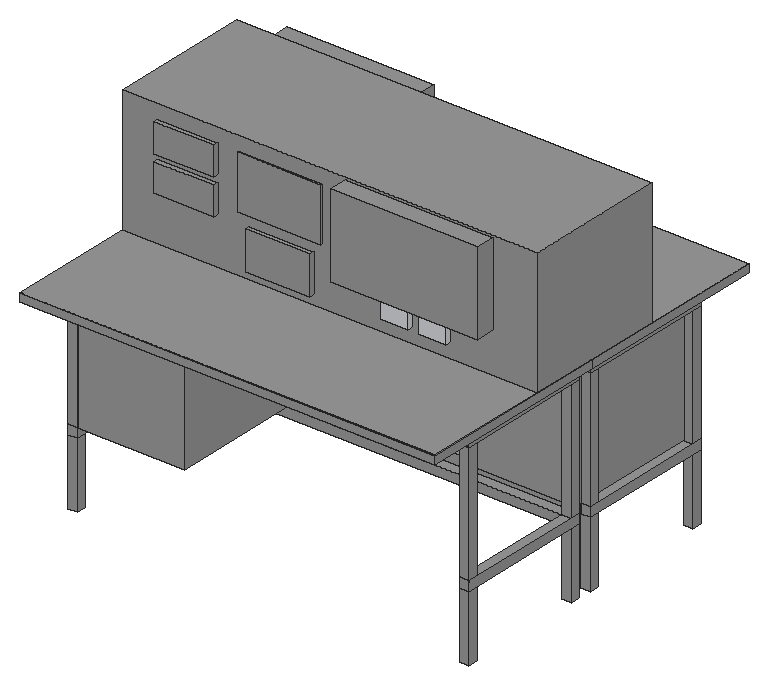
Revit family "ElectronicsBenchTopDouble", category Furniture, Revit 2025
Family settings
  OmniClass Number = 23.40.20.00
  OmniClass Title = General Furniture and Specialties
  Work Plane-Based = No
  Enable Cutting in Views = No
  Always vertical = Yes
  Cut with Voids When Loaded = No
  Render Appearance Source = Family Geometry
  Shared = No
  Room Calculation Point = No
Parameters
  Default Elevation = 0 mm
Reference planes
  plane 1 "Center (Front/Back)": y = 0
  plane 2: z = 9.556
  plane 3 "Center (Left/Right)": x = 0
  plane 4: x = 1750
  plane 5: x = 150
  plane 6: x = 400
  plane 7: x = 492
  plane 8: x = 535
  plane 9: x = 805
  plane 10: x = 842
  plane 11: x = 942
  plane 12: x = 1562
  plane 13: y = 0
  plane 14: z = 539.556
  plane 15: y = -20
  plane 16: y = 600
  plane 17: y = 300
  plane 18: y = -80
  plane 19: y = 620
  plane 20: z = 909.556
Forms (mm)
  Extrusion 1, solid, material "Plywood, Side, 7 Ply"
    sketch origin (829.616, -55.942, 1040.314) x (1, 0, 0) y (0, 0, 1)
      loop
        line (-829.616, -130.888) -> (920.384, -130.888) -> (920.384, 399.112) -> (-829.616, 399.112) -> (-829.616, -130.888)
    from -350 to 250
  Extrusion 2, solid, material "Asphalt, Bitumen"
    sketch origin (-0.384, -55.942, 899.426) x (1, 0, 0) y (0, 0, 1)
      loop
        line (942, 530) -> (942, 180) -> (1562, 180) -> (1562, 530) -> (942, 530)
    from 250 to 330
  Extrusion 3, solid, material "Asphalt, Bitumen"
    sketch origin (-0.384, -55.942, 899.426) x (1, 0, 0) y (0, 0, 1)
      loop
        line (842, 480) -> (492, 480) -> (492, 253) -> (842, 253) -> (842, 480)
    from 150 to 255
  Extrusion 4, solid, material "Plastic, Formed"
    sketch origin (-0.384, -55.942, 899.426) x (1, 0, 0) y (0, 0, 1)
      loop
        line (535, 210) -> (535, 50) -> (805, 50) -> (805, 210) -> (535, 210)
    from -35.942 to 270
  Extrusion 5, solid, material "Plastic, Formed"
    sketch origin (-0.384, -55.942, 899.426) x (1, 0, 0) y (0, 0, 1)
      loop
        line (150, 480) -> (150, 360) -> (400, 360) -> (400, 480) -> (150, 480)
      loop
        line (150, 330) -> (150, 210) -> (400, 210) -> (400, 330) -> (150, 330)
    from 0 to 270
  Extrusion 6, solid, material "Asphalt, Bitumen"
    sketch origin (1710.436, 44.058, 899.426) x (-1, 0, 0) y (0, 0, 1)
      loop
        line (942, 530) -> (942, 180) -> (1562, 180) -> (1562, 530) -> (942, 530)
    from 250 to 330
  Extrusion 7, solid, material "Asphalt, Bitumen"
    sketch origin (1710.436, 44.058, 899.426) x (-1, 0, 0) y (0, 0, 1)
      loop
        line (842, 480) -> (492, 480) -> (492, 253) -> (842, 253) -> (842, 480)
    from 150 to 255
  Extrusion 8, solid, material "Plastic, Formed"
    sketch origin (1710.436, 44.058, 899.426) x (-1, 0, 0) y (0, 0, 1)
      loop
        line (535, 210) -> (535, 50) -> (805, 50) -> (805, 210) -> (535, 210)
    from -35.942 to 270
  Extrusion 9, solid, material "Plastic, Formed"
    sketch origin (1710.436, 44.058, 899.426) x (-1, 0, 0) y (0, 0, 1)
      loop
        line (150, 480) -> (150, 360) -> (400, 360) -> (400, 480) -> (150, 480)
      loop
        line (150, 330) -> (150, 210) -> (400, 210) -> (400, 330) -> (150, 330)
    from 0 to 270
  Extrusion 10, solid
    sketch origin (97.34, -225.942, 1467.197) x (1, 0, 0) y (0, 0, 1)
      loop
        line (1166.781, -422.24) -> (1166.781, -497.24) -> (1281.781, -497.24) -> (1281.781, -422.24) -> (1166.781, -422.24)
    from 0 to 100
  Extrusion 11, void
    sketch origin (-242.88, -325.942, 1470.979) x (1, 0, 0) y (0, 0, 1)
      loop
        circle (1535.231, -463.13) r 15
      loop
        circle (1594.387, -462.957) r 15
    from 0 to 5
  Extrusion 12, solid
    sketch origin (-62.66, -225.942, 1467.197) x (1, 0, 0) y (0, 0, 1)
      loop
        line (1166.781, -422.24) -> (1166.781, -497.24) -> (1281.781, -497.24) -> (1281.781, -422.24) -> (1166.781, -422.24)
    from 0 to 100
  Extrusion 13, void
    sketch origin (-402.88, -325.942, 1470.979) x (1, 0, 0) y (0, 0, 1)
      loop
        circle (1535.231, -463.13) r 15
      loop
        circle (1594.387, -462.957) r 15
    from 0 to 5
  Extrusion 14, solid, not visible
    sketch origin (340.219, 0, -4.515) x (1, 0, 0) y (0, 0, 1)
      loop
        line (1166.781, -422.24) -> (1166.781, -497.24) -> (1281.781, -497.24) -> (1281.781, -422.24) -> (1166.781, -422.24)
    from 0 to 100
  Extrusion 15, void, not visible
    sketch origin (0, 0, -0.733) x (1, 0, 0) y (0, 0, 1)
      loop
        circle (1535.231, -463.13) r 15
      loop
        circle (1594.387, -462.957) r 15
    from 0 to 5
  Extrusion 16, solid, not visible
    sketch origin (180.219, 0, -4.515) x (1, 0, 0) y (0, 0, 1)
      loop
        line (1166.781, -422.24) -> (1166.781, -497.24) -> (1281.781, -497.24) -> (1281.781, -422.24) -> (1166.781, -422.24)
    from 0 to 100
  Extrusion 17, void, not visible
    sketch origin (-160, 0, -0.733) x (1, 0, 0) y (0, 0, 1)
      loop
        circle (1535.231, -463.13) r 15
      loop
        circle (1594.387, -462.957) r 15
    from 0 to 5
  Extrusion 18, solid
    sketch origin (1584.862, 214.058, 1467.197) x (-1, 0, 0) y (0, 0, 1)
      loop
        line (1166.781, -422.24) -> (1166.781, -497.24) -> (1281.781, -497.24) -> (1281.781, -422.24) -> (1166.781, -422.24)
    from 0 to 100
  Extrusion 19, void
    sketch origin (1925.082, 314.058, 1470.979) x (-1, 0, 0) y (0, 0, 1)
      loop
        circle (1535.231, -463.13) r 15
      loop
        circle (1594.387, -462.957) r 15
    from 0 to 5
  Extrusion 20, solid
    sketch origin (1744.862, 214.058, 1467.197) x (-1, 0, 0) y (0, 0, 1)
      loop
        line (1166.781, -422.24) -> (1166.781, -497.24) -> (1281.781, -497.24) -> (1281.781, -422.24) -> (1166.781, -422.24)
    from 0 to 100
  Extrusion 21, void
    sketch origin (2085.082, 314.058, 1470.979) x (-1, 0, 0) y (0, 0, 1)
      loop
        circle (1535.231, -463.13) r 15
      loop
        circle (1594.387, -462.957) r 15
    from 0 to 5
  Extrusion 22, solid, not visible
    sketch origin (97.34, 80, 567.327) x (1, 0, 0) y (0, 0, 1)
      loop
        line (1166.781, -422.24) -> (1166.781, -497.24) -> (1281.781, -497.24) -> (1281.781, -422.24) -> (1166.781, -422.24)
    from 0 to 100
  Extrusion 23, void, not visible
    sketch origin (-242.88, -20, 571.109) x (1, 0, 0) y (0, 0, 1)
      loop
        circle (1535.231, -463.13) r 15
      loop
        circle (1594.387, -462.957) r 15
    from 0 to 5
  Extrusion 24, solid, not visible
    sketch origin (-62.66, 80, 567.327) x (1, 0, 0) y (0, 0, 1)
      loop
        line (1166.781, -422.24) -> (1166.781, -497.24) -> (1281.781, -497.24) -> (1281.781, -422.24) -> (1166.781, -422.24)
    from 0 to 100
  Extrusion 25, void, not visible
    sketch origin (-402.88, -20, 571.109) x (1, 0, 0) y (0, 0, 1)
      loop
        circle (1535.231, -463.13) r 15
      loop
        circle (1594.387, -462.957) r 15
    from 0 to 5
  Extrusion 26, solid, material "Plywood, Side, 7 Ply", not visible
    sketch origin (829.616, -1903.81, 1413.477) x (1, 0, 0) y (0, 0, 1)
      loop
        line (-829.616, -130.888) -> (920.384, -130.888) -> (920.384, 399.112) -> (-829.616, 399.112) -> (-829.616, -130.888)
    from -350 to 250
  Extrusion 27, solid, material "Asphalt, Bitumen", not visible
    sketch origin (-0.384, -1903.81, 1272.588) x (1, 0, 0) y (0, 0, 1)
      loop
        line (942, 530) -> (942, 180) -> (1562, 180) -> (1562, 530) -> (942, 530)
    from 250 to 330
  Extrusion 28, solid, material "Asphalt, Bitumen", not visible
    sketch origin (-0.384, -1903.81, 1272.588) x (1, 0, 0) y (0, 0, 1)
      loop
        line (842, 480) -> (492, 480) -> (492, 253) -> (842, 253) -> (842, 480)
    from 150 to 255
  Extrusion 29, solid, material "Plastic, Formed", not visible
    sketch origin (-0.384, -1903.81, 1272.588) x (1, 0, 0) y (0, 0, 1)
      loop
        line (535, 210) -> (535, 50) -> (805, 50) -> (805, 210) -> (535, 210)
    from -35.942 to 270
  Extrusion 30, solid, material "Plastic, Formed", not visible
    sketch origin (-0.384, -1903.81, 1272.588) x (1, 0, 0) y (0, 0, 1)
      loop
        line (150, 480) -> (150, 360) -> (400, 360) -> (400, 480) -> (150, 480)
      loop
        line (150, 330) -> (150, 210) -> (400, 210) -> (400, 330) -> (150, 330)
    from 0 to 270
  Extrusion 31, solid, material "Asphalt, Bitumen", not visible
    sketch origin (1710.436, -1803.81, 1272.588) x (-1, 0, 0) y (0, 0, 1)
      loop
        line (942, 530) -> (942, 180) -> (1562, 180) -> (1562, 530) -> (942, 530)
    from 250 to 330
  Extrusion 32, solid, material "Asphalt, Bitumen", not visible
    sketch origin (1710.436, -1803.81, 1272.588) x (-1, 0, 0) y (0, 0, 1)
      loop
        line (842, 480) -> (492, 480) -> (492, 253) -> (842, 253) -> (842, 480)
    from 150 to 255
  Extrusion 33, solid, material "Plastic, Formed", not visible
    sketch origin (1710.436, -1803.81, 1272.588) x (-1, 0, 0) y (0, 0, 1)
      loop
        line (535, 210) -> (535, 50) -> (805, 50) -> (805, 210) -> (535, 210)
    from -35.942 to 270
  Extrusion 34, solid, material "Plastic, Formed", not visible
    sketch origin (1710.436, -1803.81, 1272.588) x (-1, 0, 0) y (0, 0, 1)
      loop
        line (150, 480) -> (150, 360) -> (400, 360) -> (400, 480) -> (150, 480)
      loop
        line (150, 330) -> (150, 210) -> (400, 210) -> (400, 330) -> (150, 330)
    from 0 to 270
  Extrusion 35, solid, not visible
    sketch origin (97.34, -2073.81, 1840.359) x (1, 0, 0) y (0, 0, 1)
      loop
        line (1166.781, -422.24) -> (1166.781, -497.24) -> (1281.781, -497.24) -> (1281.781, -422.24) -> (1166.781, -422.24)
    from 0 to 100
  Extrusion 36, void, not visible
    sketch origin (-242.88, -2173.81, 1844.141) x (1, 0, 0) y (0, 0, 1)
      loop
        circle (1535.231, -463.13) r 15
      loop
        circle (1594.387, -462.957) r 15
    from 0 to 5
  Extrusion 37, solid, not visible
    sketch origin (-62.66, -2073.81, 1840.359) x (1, 0, 0) y (0, 0, 1)
      loop
        line (1166.781, -422.24) -> (1166.781, -497.24) -> (1281.781, -497.24) -> (1281.781, -422.24) -> (1166.781, -422.24)
    from 0 to 100
  Extrusion 38, void, not visible
    sketch origin (-402.88, -2173.81, 1844.141) x (1, 0, 0) y (0, 0, 1)
      loop
        circle (1535.231, -463.13) r 15
      loop
        circle (1594.387, -462.957) r 15
    from 0 to 5
  Extrusion 39, solid, not visible
    sketch origin (1584.862, -1633.81, 1840.359) x (-1, 0, 0) y (0, 0, 1)
      loop
        line (1166.781, -422.24) -> (1166.781, -497.24) -> (1281.781, -497.24) -> (1281.781, -422.24) -> (1166.781, -422.24)
    from 0 to 100
  Extrusion 40, void, not visible
    sketch origin (1925.082, -1533.81, 1844.141) x (-1, 0, 0) y (0, 0, 1)
      loop
        circle (1535.231, -463.13) r 15
      loop
        circle (1594.387, -462.957) r 15
    from 0 to 5
  Extrusion 41, solid, not visible
    sketch origin (1744.862, -1633.81, 1840.359) x (-1, 0, 0) y (0, 0, 1)
      loop
        line (1166.781, -422.24) -> (1166.781, -497.24) -> (1281.781, -497.24) -> (1281.781, -422.24) -> (1166.781, -422.24)
    from 0 to 100
  Extrusion 42, void, not visible
    sketch origin (2085.082, -1533.81, 1844.141) x (-1, 0, 0) y (0, 0, 1)
      loop
        circle (1535.231, -463.13) r 15
      loop
        circle (1594.387, -462.957) r 15
    from 0 to 5
Cuts and joins
  Extrusion 11, Extrusion 13, Extrusion 19 cuts Extrusion 10
  Extrusion 13, Extrusion 21 cuts Extrusion 12
  Extrusion 19 cuts Extrusion 18
  Extrusion 21 cuts Extrusion 20
Dimensions and locks
  plane 3 "Center (Left/Right)" to Extrusion 1 = 1750 mm
  aligned and locked: level to plane 2
Nested families
  nested 1: "SmallBench" at (0, -20, 9.556), type "SmallBench"
  nested 2: "SmallBench" at (1750, -20, 9.556) x (-1, 0, 0) z (0, 0, 1), type "SmallBench"
Definition of nested family "SmallBench"
  Parameters
    Default Elevation = 0 mm
  Reference planes
    plane 1 "CentreLong": y = 0
    plane 2: z = 0
    plane 3 "LeftEdge": x = 0
    plane 4 "FrontEdge": y = -825
    plane 5 "RightEdge": x = 1750
    plane 6 "DrawerFront": y = -610
    plane 7 "LeftSupport": x = 50
    plane 8 "BenchTop": z = 900
    plane 9 "BenchBottom": z = 865
    plane 10 "RightSupport": x = 1700
    plane 11 "BackSupport": y = -50
    plane 12 "DrawerInner": x = 520
  Forms (mm)
    Extrusion 1, solid
      sketch origin (0, 0, 0) x (1, 0, 0) y (0, 1, 0)
        loop
          line (0, 0) -> (0, -825) -> (1750, -825) -> (1750, 0) -> (0, 0)
      from 865 to 898
    Extrusion 2, solid
      sketch origin (1780, -548.097, 0) x (1, 0, 0) y (0, 1, 0)
        loop
          line (-100, 518.097) -> (-100, 478.097) -> (-60, 478.097) -> (-60, 518.097) -> (-100, 518.097)
      from 0 to 825
    Extrusion 3, solid
      sketch origin (1780, -1115, 0) x (1, 0, 0) y (0, 1, 0)
        loop
          line (-100, 545) -> (-100, 505) -> (-60, 505) -> (-60, 545) -> (-100, 545)
      from 0 to 825
    Extrusion 4, solid
      sketch origin (-700, -140, 0) x (1, 0, 0) y (0, 1, 0)
        loop
          line (2380, 110) -> (2380, -470) -> (2420, -470) -> (2420, 110) -> (2400, 110) -> (2380, 110)
      from 825 to 865
    Extrusion 5, solid
      sketch origin (-700, -180, 0) x (1, 0, 0) y (0, 1, 0)
        loop
          line (2380, 150) -> (2380, -430) -> (2420, -430) -> (2420, 150) -> (2380, 150)
      from 280 to 320
    Extrusion 6, solid
      sketch origin (0, 0, 0) x (1, 0, 0) y (0, 1, 0)
        loop
          line (70, 0) -> (70, -610) -> (520, -610) -> (520, 0) -> (70, 0)
      from 320 to 865
    Extrusion 7, solid, not visible
      sketch origin (1780, -548.097, 0) x (1, 0, 0) y (0, 1, 0)
        loop
          line (-100, 518.097) -> (-100, 478.097) -> (-60, 478.097) -> (-60, 518.097) -> (-100, 518.097)
      from 0 to 825
    Extrusion 8, solid, not visible
      sketch origin (1780, -1115, 0) x (1, 0, 0) y (0, 1, 0)
        loop
          line (-100, 545) -> (-100, 505) -> (-60, 505) -> (-60, 545) -> (-100, 545)
      from 0 to 825
    Extrusion 9, solid, not visible
      sketch origin (-700, -140, 0) x (1, 0, 0) y (0, 1, 0)
        loop
          line (2380, 110) -> (2380, -470) -> (2420, -470) -> (2420, 110) -> (2400, 110) -> (2380, 110)
      from 825 to 865
    Extrusion 10, solid, not visible
      sketch origin (-700, -180, 0) x (1, 0, 0) y (0, 1, 0)
        loop
          line (2380, 150) -> (2380, -430) -> (2420, -430) -> (2420, 150) -> (2380, 150)
      from 280 to 320
    Extrusion 11, solid
      sketch origin (130, -548.097, 0) x (1, 0, 0) y (0, 1, 0)
        loop
          line (-100, 518.097) -> (-100, 478.097) -> (-60, 478.097) -> (-60, 518.097) -> (-100, 518.097)
      from 0 to 825
    Extrusion 12, solid
      sketch origin (130, -1115, 0) x (1, 0, 0) y (0, 1, 0)
        loop
          line (-100, 545) -> (-100, 505) -> (-60, 505) -> (-60, 545) -> (-100, 545)
      from 0 to 825
    Extrusion 13, solid
      sketch origin (-2350, -140, 0) x (1, 0, 0) y (0, 1, 0)
        loop
          line (2380, 110) -> (2380, -470) -> (2420, -470) -> (2420, 110) -> (2400, 110) -> (2380, 110)
      from 825 to 865
    Extrusion 14, solid
      sketch origin (-2350, -180, 0) x (1, 0, 0) y (0, 1, 0)
        loop
          line (2380, 150) -> (2380, -430) -> (2420, -430) -> (2420, 150) -> (2380, 150)
      from 280 to 320
    Extrusion 15, solid
      sketch origin (0, 0, -200) x (0, 1, 0) y (0, 0, 1)
        loop
          line (-30, 520) -> (-70, 520) -> (-70, 480) -> (-30, 480) -> (-30, 520)
      from 70 to 1680
    Extrusion 16, solid
      sketch origin (0, 0, 465) x (0, 1, 0) y (0, 0, 1)
        loop
          line (-30, 400) -> (-70, 400) -> (-70, 360) -> (-30, 360) -> (-30, 400)
      from 70 to 1680
    Extrusion 17, solid
      sketch origin (0, 0, 0) x (1, 0, 0) y (0, 1, 0)
        loop
          line (0, 0) -> (0, -825) -> (1750, -825) -> (1750, 0) -> (0, 0)
      from 898 to 900
  Dimensions and locks
    plane 3 "LeftEdge" to plane 5 "RightEdge" = 1750 mm
    plane 12 "DrawerInner" to Extrusion 3 = 1160 mm
    plane 8 "BenchTop" to level = 900 mm
    plane 5 "RightEdge" to plane 3 "LeftEdge" = 1750 mm
    Extrusion 6 to Extrusion 12 = 450 mm
    Extrusion 13 to Extrusion 6 = 450 mm
    Extrusion 6 to Extrusion 4 = 1160 mm
    aligned and locked: level to plane 2
